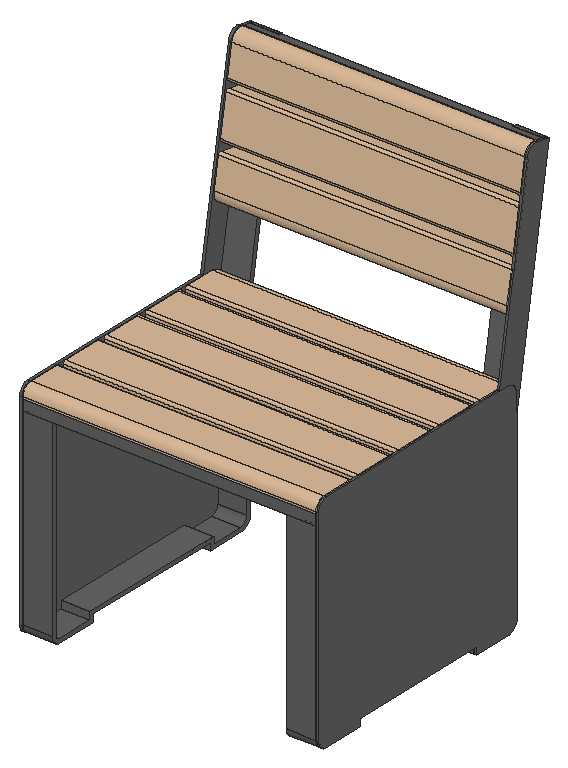
Revit family "1103-S-L", category Meble, Revit 2021
Family settings
  Numer OmniClass = 23.40.20.00
  Tytuł OmniClass = General Furniture and Specialties
  Oparty na płaszczyźnie roboczej = Nie
  Zawsze pionowo = Tak
  Tnij formami wycięć po wczytaniu = Nie
  Współdzielony = Nie
  Punkt obliczania pomieszczeń = Nie
Parameters (values of type "1101-S-L")
  wood = Mobilis Design Wood - Larch
  metal = Mobilis Design RAL 9004
  Width = "58 cm"
  Weight = "40 kg"
  URL = ""
  Seat height = "45 cm"
  Product line = "Centaurus"
  Product Groups = ""
  Manufacturer = ""
  Keynote = ""
  Description = ""
  Model = "1101-S-L"
  Material = ""
  Maintenance = ""
  Lenght = "60 cm"
  Type Comments = ""
  Mobilis Design Materials = ""
  Hosted on = ""
  Height = "86 cm"
  Domyślna rzędna = 0 mm
  Copyright = "All designs and drawings are the common intellectual property of Lars Laj A/S and Tress and are protected by Danish and international copyright laws."
Reference planes
  plane 1 "front": y = 0
  plane 2: z = 0
  plane 3 "Środek (Lewa/Prawa)": x = 0
  plane 4 "left": x = -295.625
  plane 5 "right": x = 295.625
  plane 6: x = -235.625
Forms (mm)
  Extrusion 1, solid, material "Mobilis Design Wood - Larch" <- "wood"
    sketch origin (0, -304.521, 21.46) x (0, 1, 0) y (0, 0, 1)
      loop
        arc (260.118, 430.04) -> (256.583, 428.576) -> (255.118, 425.04) r 5
        line (255.118, 425.04) -> (255.118, 388.972)
        arc (255.118, 388.972) -> (255.693, 387.586) -> (257.078, 387.012) r 1.96
        line (257.078, 387.012) -> (342.493, 387.012)
        arc (342.493, 387.012) -> (343.908, 387.598) -> (344.493, 389.012) r 2
        line (344.493, 389.012) -> (344.493, 425.04)
        arc (344.493, 425.04) -> (343.029, 428.576) -> (339.493, 430.04) r 5
        line (339.493, 430.04) -> (260.118, 430.04)
    from -295.625 to 295.625
  Extrusion 2, solid, material "Mobilis Design Wood - Larch" <- "wood"
    sketch origin (0, -406.971, 21.46) x (0, 1, 0) y (0, 0, 1)
      loop
        arc (260.118, 430.04) -> (256.583, 428.576) -> (255.118, 425.04) r 5
        line (255.118, 425.04) -> (255.118, 388.972)
        arc (255.118, 388.972) -> (255.693, 387.586) -> (257.078, 387.012) r 1.96
        line (257.078, 387.012) -> (342.493, 387.012)
        arc (342.493, 387.012) -> (343.908, 387.598) -> (344.493, 389.012) r 2
        line (344.493, 389.012) -> (344.493, 425.04)
        arc (344.493, 425.04) -> (343.029, 428.576) -> (339.493, 430.04) r 5
        line (339.493, 430.04) -> (260.118, 430.04)
    from -295.625 to 295.625
  Extrusion 3, solid, material "Mobilis Design Wood - Larch" <- "wood"
    sketch origin (0, -509.471, 21.46) x (0, 1, 0) y (0, 0, 1)
      loop
        arc (275.801, 430.04) -> (261.548, 424.097) -> (255.741, 409.787) r 20.061
        line (255.741, 409.787) -> (255.741, 405.469) -> (259.281, 405.469) -> (259.281, 387.013) -> (343.118, 387.013)
        arc (343.118, 387.013) -> (344.532, 387.598) -> (345.117, 389.012) r 1.999
        line (345.117, 389.012) -> (345.117, 425.043)
        arc (345.117, 425.043) -> (343.653, 428.577) -> (340.119, 430.04) r 4.998
        line (340.119, 430.04) -> (275.801, 430.04)
    from -295.625 to 295.625
  Extrusion 4, solid, material "Mobilis Design Wood - Larch" <- "wood"
    sketch origin (0, -201.971, 23.25) x (0, 1, 0) y (0, 0, 1)
      loop
        arc (260.118, 428.25) -> (256.583, 426.786) -> (255.118, 423.25) r 5
        line (255.118, 423.25) -> (255.118, 387.182)
        arc (255.118, 387.182) -> (255.693, 385.796) -> (257.078, 385.222) r 1.96
        line (257.078, 385.222) -> (342.493, 385.222)
        arc (342.493, 385.222) -> (343.908, 385.808) -> (344.493, 387.222) r 2
        line (344.493, 387.222) -> (344.493, 423.25)
        arc (344.493, 423.25) -> (343.029, 426.786) -> (339.493, 428.25) r 5
        line (339.493, 428.25) -> (260.118, 428.25)
    from -295.625 to 295.625
  Extrusion 5, solid, material "Mobilis Design Wood - Larch" <- "wood"
    sketch origin (0, 639.233, 450.045) x (0, 0.173648, 0.984808) y (0, -0.984808, 0.173648)
      loop
        arc (260.118, 430.036) -> (256.583, 428.571) -> (255.118, 425.036) r 5
        line (255.118, 425.036) -> (255.118, 389.305)
        arc (255.118, 389.305) -> (255.693, 387.919) -> (257.078, 387.345) r 1.96
        line (257.078, 387.345) -> (340.844, 387.345) -> (341.158, 405.34) -> (343.808, 405.34)
        arc (343.808, 405.34) -> (338.282, 422.627) -> (321.714, 430.036) r 22.231
        line (321.714, 430.036) -> (260.118, 430.036)
    from -295.625 to 295.625
  Extrusion 6, solid, material "Mobilis Design Wood - Larch" <- "wood"
    sketch origin (0, 621.162, 348.398) x (0, 0.173648, 0.984808) y (0, -0.984808, 0.173648)
      loop
        arc (260.118, 429.703) -> (256.583, 428.239) -> (255.118, 424.703) r 5
        line (255.118, 424.703) -> (255.118, 388.972)
        arc (255.118, 388.972) -> (255.693, 387.586) -> (257.078, 387.012) r 1.96
        line (257.078, 387.012) -> (342.493, 387.012)
        arc (342.493, 387.012) -> (343.908, 387.598) -> (344.493, 389.012) r 2
        line (344.493, 389.012) -> (344.493, 424.703)
        arc (344.493, 424.703) -> (343.029, 428.239) -> (339.493, 429.703) r 5
        line (339.493, 429.703) -> (260.118, 429.703)
    from -295.625 to 295.625
  Extrusion 7, solid, material "Mobilis Design RAL 9004" <- "metal", not visible
    sketch origin (0, 0, 0) x (0, 1, 0) y (0, 0, 1)
      loop
        arc (71.187, 451.5) -> (57.045, 445.642) -> (51.187, 431.5) r 20
        line (51.187, 431.5) -> (51.187, 18.231)
        arc (51.187, 18.231) -> (56.527, 5.34) -> (69.418, 0) r 18.231
        line (69.418, 0) -> (153.638, 0) -> (153.638, 15) -> (448.638, 15) -> (448.638, 0) -> (527.023, 0)
        arc (527.023, 0) -> (542.307, 6.331) -> (548.638, 21.615) r 21.615
        line (548.638, 21.615) -> (548.638, 429.407)
        arc (548.638, 429.407) -> (542.168, 445.029) -> (526.545, 451.5) r 22.093
        line (526.545, 451.5) -> (71.187, 451.5)
    from 750.378 to 745
  Extrusion 8, solid, material "Mobilis Design RAL 9004" <- "metal", not visible
    sketch origin (0, 0, 0) x (0, 1, 0) y (0, 0, 1)
      loop
        line (548.638, 396.844) -> (629.375, 854.725) -> (601.836, 859.581)
        arc (601.836, 859.581) -> (585.224, 855.898) -> (576.082, 841.547) r 22.232
        line (576.082, 841.547) -> (507.306, 451.5) -> (526.545, 451.5)
        arc (526.545, 451.5) -> (542.168, 445.029) -> (548.638, 429.407) r 22.093
        line (548.638, 429.407) -> (548.638, 396.844)
    from 745 to 750.378
  Extrusion 9, solid, material "Mobilis Design RAL 9004" <- "metal"
    sketch origin (449.375, -304.491, 0) x (0, -1, 0) y (0, 0, 1)
      loop
        line (-71.187, 451.5) -> (-526.545, 451.5)
        arc (-526.545, 451.5) -> (-542.168, 445.029) -> (-548.638, 429.407) r 22.093
        line (-548.638, 429.407) -> (-548.638, 21.615)
        arc (-548.638, 21.615) -> (-542.307, 6.331) -> (-527.023, 0) r 21.615
        line (-527.023, 0) -> (-448.638, 0) -> (-448.638, 15) -> (-153.638, 15) -> (-153.638, 0) -> (-69.418, 0)
        arc (-69.418, 0) -> (-56.527, 5.34) -> (-51.187, 18.231) r 18.231
        line (-51.187, 18.231) -> (-51.187, 431.5)
        arc (-51.187, 431.5) -> (-57.045, 445.642) -> (-71.187, 451.5) r 20
    from 750.378 to 745
  Extrusion 10, solid, material "Mobilis Design RAL 9004" <- "metal"
    sketch origin (449.375, -304.491, 0) x (0, -1, 0) y (0, 0, 1)
      loop
        line (-548.638, 396.844) -> (-548.638, 429.407)
        arc (-548.638, 429.407) -> (-542.168, 445.029) -> (-526.545, 451.5) r 22.093
        line (-526.545, 451.5) -> (-507.306, 451.5) -> (-576.082, 841.547)
        arc (-576.082, 841.547) -> (-585.224, 855.898) -> (-601.836, 859.581) r 22.232
        line (-601.836, 859.581) -> (-629.375, 854.725) -> (-548.638, 396.844)
    from 745 to 750.378
  Extrusion 11, solid, material "Mobilis Design RAL 9004" <- "metal"
    sketch origin (0, -304.491, 0) x (0, 1, 0) y (0, 0, 1)
      loop
        line (548.638, 396.844) -> (629.375, 854.725) -> (621.989, 856.027) -> (543.073, 408.472) -> (51.187, 408.472) -> (51.187, 18.763)
        arc (51.187, 18.763) -> (56.683, 5.495) -> (69.95, 0) r 18.763
        line (69.95, 0) -> (153.638, 0) -> (153.638, 15) -> (448.638, 15) -> (448.638, 0) -> (525.342, 0)
        arc (525.342, 0) -> (541.815, 6.823) -> (548.638, 23.296) r 23.296
        line (548.638, 23.296) -> (548.638, 396.844)
      loop
        line (58.687, 400.262) -> (58.687, 18.763)
        arc (58.687, 18.763) -> (61.986, 10.799) -> (69.95, 7.5) r 11.263
        line (69.95, 7.5) -> (146.138, 7.5) -> (146.138, 22.5) -> (456.138, 22.5) -> (456.138, 7.5) -> (525.342, 7.5)
        arc (525.342, 7.5) -> (536.512, 12.127) -> (541.138, 23.296) r 15.796
        line (541.138, 23.296) -> (541.138, 400.262) -> (58.687, 400.262)
    from -295.625 to -235.625
  Extrusion 12, solid, material "Mobilis Design RAL 9004" <- "metal"
    sketch origin (0, -304.491, 0) x (0, 1, 0) y (0, 0, 1)
      loop
        line (578.693, 567.292) -> (629.375, 854.725) -> (621.989, 856.027) -> (571.307, 568.594) -> (578.693, 567.292)
      loop
        line (548.09, 408.472) -> (58.09, 408.472) -> (58.09, 400.262) -> (548.09, 400.262) -> (548.09, 408.472)
    from -238.345 to -298.116
  Extrusion 13, solid, material "Mobilis Design RAL 9004" <- "metal"
    sketch origin (-449.375, -304.491, 0) x (0, 1, 0) y (0, 0, 1)
      loop
        arc (71.187, 451.5) -> (57.045, 445.642) -> (51.187, 431.5) r 20
        line (51.187, 431.5) -> (51.187, 18.231)
        arc (51.187, 18.231) -> (56.527, 5.34) -> (69.418, 0) r 18.231
        line (69.418, 0) -> (153.638, 0) -> (153.638, 15) -> (448.638, 15) -> (448.638, 0) -> (527.023, 0)
        arc (527.023, 0) -> (542.307, 6.331) -> (548.638, 21.615) r 21.615
        line (548.638, 21.615) -> (548.638, 429.407)
        arc (548.638, 429.407) -> (542.168, 445.029) -> (526.545, 451.5) r 22.093
        line (526.545, 451.5) -> (71.187, 451.5)
    from 750.378 to 745
  Extrusion 14, solid, material "Mobilis Design RAL 9004" <- "metal"
    sketch origin (-449.375, -304.491, 0) x (0, 1, 0) y (0, 0, 1)
      loop
        line (548.638, 396.844) -> (629.375, 854.725) -> (601.836, 859.581)
        arc (601.836, 859.581) -> (585.224, 855.898) -> (576.082, 841.547) r 22.232
        line (576.082, 841.547) -> (507.306, 451.5) -> (526.545, 451.5)
        arc (526.545, 451.5) -> (542.168, 445.029) -> (548.638, 429.407) r 22.093
        line (548.638, 429.407) -> (548.638, 396.844)
    from 745 to 750.378
  Extrusion 15, solid, material "Mobilis Design RAL 9004" <- "metal"
    sketch origin (0, -304.491, 0) x (0, 1, 0) y (0, 0, -1)
      loop
        line (548.638, -396.844) -> (548.638, -23.296)
        arc (548.638, -23.296) -> (541.815, -6.823) -> (525.342, 0) r 23.296
        line (525.342, 0) -> (448.638, 0) -> (448.638, -15) -> (153.638, -15) -> (153.638, 0) -> (69.95, 0)
        arc (69.95, 0) -> (56.683, -5.495) -> (51.187, -18.763) r 18.763
        line (51.187, -18.763) -> (51.187, -408.472) -> (543.073, -408.472) -> (621.989, -856.027) -> (629.375, -854.725) -> (548.638, -396.844)
      loop
        line (58.687, -400.262) -> (541.138, -400.262) -> (541.138, -23.296)
        arc (541.138, -23.296) -> (536.512, -12.127) -> (525.342, -7.5) r 15.796
        line (525.342, -7.5) -> (456.138, -7.5) -> (456.138, -22.5) -> (146.138, -22.5) -> (146.138, -7.5) -> (69.95, -7.5)
        arc (69.95, -7.5) -> (61.986, -10.799) -> (58.687, -18.763) r 11.263
        line (58.687, -18.763) -> (58.687, -400.262)
    from -295.625 to -235.625
  Extrusion 16, solid, material "Mobilis Design RAL 9004" <- "metal"
    sketch origin (0, -304.491, 0) x (0, 1, 0) y (0, 0, -1)
      loop
        line (578.693, -567.292) -> (571.307, -568.594) -> (621.989, -856.027) -> (629.375, -854.725) -> (578.693, -567.292)
      loop
        line (548.09, -408.472) -> (548.09, -400.262) -> (58.09, -400.262) -> (58.09, -408.472) -> (548.09, -408.472)
    from -238.345 to -298.116
  Extrusion 17, solid, material "Mobilis Design RAL 9004" <- "metal"
    sketch origin (0, -304.677, -0.127) x (0, 1, 0) y (0, 0, 1)
      loop
        line (624.909, 855.672) -> (604.74, 859.228) -> (604.207, 856.208) -> (621.46, 853.027) -> (618.538, 836.456) -> (621.274, 835.952) -> (624.909, 855.672)
    from -295.625 to 295.625
  Extrusion 18, solid, material "Mobilis Design Wood - Larch" <- "wood"
    sketch origin (0, 706.622, 833.629) x (0, -0.173648, -0.984808) y (0, 0.984808, -0.173648)
      loop
        line (260.118, -430.036) -> (321.714, -430.036)
        arc (321.714, -430.036) -> (338.282, -422.627) -> (343.808, -405.34) r 22.231
        line (343.808, -405.34) -> (341.158, -405.34) -> (340.844, -387.345) -> (257.078, -387.345)
        arc (257.078, -387.345) -> (255.693, -387.919) -> (255.118, -389.305) r 1.96
        line (255.118, -389.305) -> (255.118, -425.036)
        arc (255.118, -425.036) -> (256.583, -428.571) -> (260.118, -430.036) r 5
    from -295.625 to 295.625
  Extrusion 19, solid, material "Mobilis Design RAL 9004" <- "metal"
    sketch origin (0, -25.913, 1579.643) x (0, 0.939693, -0.34202) y (0, 0.34202, 0.939693)
      loop
        line (624.848, -855.34) -> (621.274, -835.952) -> (618.538, -836.456) -> (621.529, -853.416) -> (604.276, -856.597) -> (604.709, -859.052) -> (624.848, -855.34)
    from -295.625 to 295.625
  Extrusion 20, solid, material "Mobilis Design RAL 9004" <- "metal"
    sketch origin (0, 701.14, 865.228) x (0, -0.181284, -0.983431) y (0, 0.983431, -0.181284)
      loop
        line (624.926, -855.759) -> (621.274, -835.952) -> (618.538, -836.456) -> (621.589, -853.003) -> (603.539, -856.331) -> (604.14, -859.591) -> (624.926, -855.759)
    from -295.625 to 295.625
  Extrusion 21, solid, material "Mobilis Design Wood - Larch" <- "wood"
    sketch origin (0, 499.358, 21.796) x (0, -1, 0) y (0, 0, -1)
      loop
        line (275.801, -429.704) -> (340.119, -429.704)
        arc (340.119, -429.704) -> (343.653, -428.24) -> (345.117, -424.706) r 4.998
        line (345.117, -424.706) -> (345.117, -388.675)
        arc (345.117, -388.675) -> (344.532, -387.261) -> (343.118, -386.676) r 1.999
        line (343.118, -386.676) -> (259.281, -386.676) -> (259.281, -405.469) -> (255.741, -405.469) -> (255.741, -409.451)
        arc (255.741, -409.451) -> (261.548, -423.76) -> (275.801, -429.704) r 20.061
    from -295.625 to 295.625
  Extrusion 22, solid, material "Mobilis Design RAL 9004" <- "metal"
    sketch origin (0, -711.477, 865.118) x (0, 0.181284, -0.983431) y (0, 0.983431, 0.181284)
      loop
        line (624.963, 855.963) -> (603.738, 859.876) -> (603.1, 856.412) -> (621.582, 853.005) -> (618.531, 836.458) -> (621.274, 835.952) -> (624.963, 855.963)
    from -295.625 to 295.625
Lines and regions (mm)
  model lines, style "9"
    curve 1: line (-315.53, -352.467, 0) -> (-315.53, -346.467, 0)
    curve 2: line (-315.53, -652.467, 0) -> (-315.53, -658.467, 0)
Dimensions and locks
  Extrusion 1 sketch curve to Extrusion 1 sketch curve = 89.375 mm
  Extrusion 1 sketch curve to Extrusion 1 sketch curve = 43.028 mm
  Extrusion 2 sketch curve to Extrusion 2 sketch curve = 89.375 mm
  Extrusion 2 sketch curve to Extrusion 2 sketch curve = 43.028 mm
  Extrusion 3 sketch curve to Extrusion 3 sketch curve = 43.028 mm
  Extrusion 4 sketch curve to Extrusion 4 sketch curve = 89.375 mm
  Extrusion 4 sketch curve to Extrusion 4 sketch curve = 43.028 mm
  Extrusion 5 sketch curve to Extrusion 5 sketch curve = 42.691 mm
  Extrusion 6 sketch curve to Extrusion 6 sketch curve = 89.375 mm
  Extrusion 6 sketch curve to Extrusion 6 sketch curve = 42.691 mm
  Extrusion 18 sketch curve to Extrusion 18 sketch curve = 42.691 mm
  Extrusion 21 sketch curve to Extrusion 21 sketch curve = 43.028 mm
  aligned and locked: level to plane 2
  aligned and locked: plane 5 "right" to Extrusion 1
  aligned and locked: Extrusion 1 to plane 4 "left"
  aligned and locked: plane 5 "right" to Extrusion 4
  aligned and locked: Extrusion 2 to plane 5 "right"
  aligned and locked: Extrusion 3 to plane 5 "right"
  aligned and locked: plane 5 "right" to Extrusion 5
  aligned and locked: plane 5 "right" to Extrusion 6
  aligned and locked: Extrusion 5 to plane 4 "left"
  aligned and locked: Extrusion 6 to plane 4 "left"
  aligned and locked: Extrusion 4 to plane 4 "left"
  aligned and locked: plane 4 "left" to Extrusion 2
  aligned and locked: plane 4 "left" to Extrusion 3
  aligned and locked: Extrusion 9 to Extrusion 10
  aligned and locked: Extrusion 9 to plane 4 "left"
  aligned and locked: Extrusion 11 to plane 4 "left"
  aligned and locked: Extrusion 11 to plane 6
  aligned and locked: Extrusion 13 to Extrusion 14
